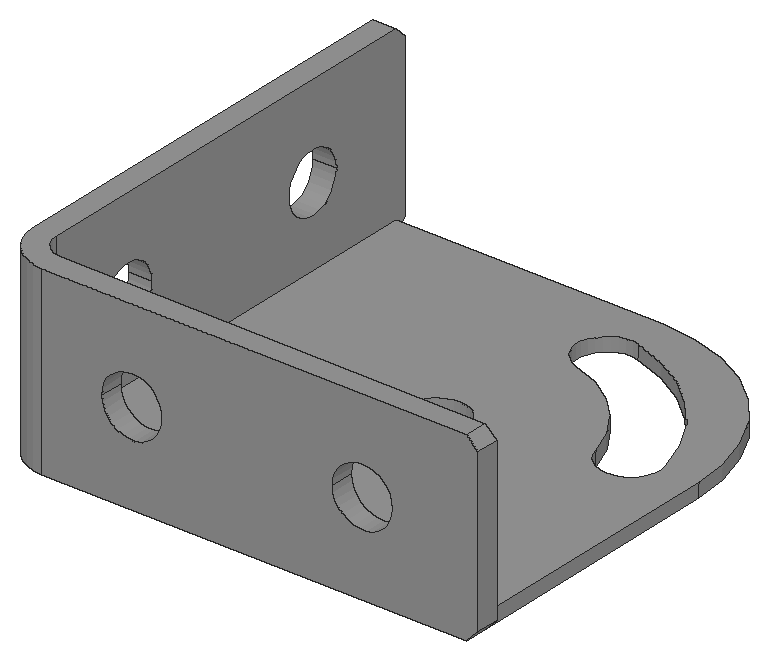
Revit family "Knotendreieck - GMS 6 KD FT", category Generic Models, Revit 2017
Family settings
  Can host rebar = No
  Round Connector Dimension = Use Diameter
  Part Type = Normal
  Work Plane-Based = No
  Always vertical = Yes
  Cut with Voids When Loaded = No
  Shared = No
  Room Calculation Point = No
Parameters (values of type "GMS 6 KD FT")
  URL = "http://www.obo-bettermann.com"
  Material = Hot dip galvanised
  Manufacturer Art.No. = "1124792"
  Manufacturer = "OBO BETTERMANN"
  GTIN = "4012196559824"
  Cut's number = 2
  Article Type = "GMS 6 KD FT"
Reference planes
  plane 1 "Center (Front/Back)": y = 0
  plane 2: z = 0
  plane 3 "Center (Left/Right)": x = 0
  plane 4: y = 104.5
  plane 5: x = 101.395
  plane 6: z = 40
  plane 7: x = 98.895
  plane 8: z = 37.5
  plane 9: z = 5
  plane 10: x = 98.895
  plane 11: z = 20
  plane 12: y = 102
  plane 13: z = 37.5
  plane 14: z = 2.5
  plane 15: y = 102
  plane 16: y = 102
  plane 17: z = 2.5
  plane 18: z = 37.5
  plane 19: y = 102
  plane 20: y = 79.5
  plane 21: y = 29.5
  plane 22: x = 76.395
  plane 23: x = 26.395
  plane 24: y = 102
  plane 25: x = 98.895
  plane 26: x = 6.895
  plane 27: y = 10
  plane 28: z = 3
  plane 29: y = 102
  plane 30: through (98.895, 102, 1200) normal (0.7071, -0.7071, 0)
  plane 31: y = 53
  plane 32: x = 52.695
  plane 33: y = 55.8
  plane 34: through (49.895, 53, 1200) normal (-0.2588, 0.9659, 0)
  plane 35: through (49.895, 53, 1200) normal (-0.9659, 0.2588, 0)
Forms (mm)
  Extrusion 1, solid, material "Hot dip galvanised" <- "Material"
    sketch origin (-3.105, 0, 0) x (1, 0, 0) y (0, 1, 0)
      loop
        line (0, 104.5) -> (0, 10)
        arc (0, 10) -> (2.929, 2.929) -> (10, 0) r 10
        line (10, 0) -> (104.5, 0) -> (104.5, 5) -> (10, 5)
        arc (10, 5) -> (6.464, 6.464) -> (5, 10) r 5
        line (5, 10) -> (5, 104.5) -> (0, 104.5)
    from 0 to 40
  Extrusion 2, void
    sketch origin (0, 0, 0) x (1, 0, 0) y (0, 0, 1)
      loop
        line (98.895, 40) -> (101.395, 37.5) -> (101.395, 40) -> (98.895, 40)
    from 0 to -5
  Extrusion 3, void
    sketch origin (0, 0, 40) x (1, 0, 0) y (0, 0, 1)
      loop
        line (98.895, -40) -> (101.395, -40) -> (101.395, -37.5) -> (98.895, -40)
    from 0 to -5
  Extrusion 4, void
    sketch origin (0, 0, 0) x (0, 1, 0) y (0, 0, 1)
      loop
        line (102, 40) -> (104.5, 37.5) -> (104.5, 40) -> (102, 40)
    from 1.895 to -3.105
  Extrusion 5, void
    sketch origin (0, 0, 40) x (0, 1, 0) y (0, 0, 1)
      loop
        line (102, -40) -> (104.5, -40) -> (104.5, -37.5) -> (102, -40)
    from 1.895 to -3.105
  Extrusion 6, void
    sketch origin (0, 0, 0) x (0, 1, 0) y (0, 0, 1)
      loop
        circle (79.5, 20) r 6.492
    from 1.895 to -3.105
  Extrusion 7, void
    sketch origin (0, -50, 0) x (0, 1, 0) y (0, 0, 1)
      loop
        circle (79.5, 20) r 6.492
    from 1.895 to -3.105
  Extrusion 8, void
    sketch origin (0, 0, 0) x (1, 0, 0) y (0, 0, 1)
      loop
        circle (76.395, 20) r 6.542
    from 0 to -5
  Extrusion 9, void
    sketch origin (-50, 0, 0) x (1, 0, 0) y (0, 0, 1)
      loop
        circle (76.395, 20) r 6.542
    from 0 to -5
  Extrusion 10, solid, material "Hot dip galvanised" <- "Material"
    sketch origin (0, 0, 0) x (1, 0, 0) y (0, 1, 0)
      loop
        line (1.895, 102) -> (1.895, 10) -> (6.895, 5) -> (98.895, 5) -> (98.895, 63)
        arc (98.895, 63) -> (87.472, 90.577) -> (59.895, 102) r 39
        line (59.895, 102) -> (1.895, 102)
    from 3 to 0
  Extrusion 11, void
    sketch origin (0, 0, 0) x (1, 0, 0) y (0, 1, 0)
      loop
        circle (49.895, 53) r 6.51
      loop
        arc (57.53, 81.495) -> (70.754, 73.86) -> (78.39, 60.635) r 29.5
        arc (78.39, 60.635) -> (86.35, 56.039) -> (90.947, 64) r 6.5
        arc (90.947, 64) -> (79.947, 83.052) -> (60.895, 94.052) r 42.5
        arc (60.895, 94.052) -> (52.934, 89.456) -> (57.53, 81.495) r 6.5
    from 3 to 0
Cuts and joins
  Extrusion 2, Extrusion 3, Extrusion 4, Extrusion 5, Extrusion 6, Extrusion 7, Extrusion 8, Extrusion 9 cuts Extrusion 1
  Extrusion 11 cuts Extrusion 10
Dimensions and locks
  locked: Extrusion 1 sketch curve to Extrusion 1 sketch curve at 104.5  (x2)
  locked: Extrusion 1 sketch curve to Extrusion 1 sketch curve at 5  (x2)
  locked: plane 11 to cut or joined group 1 (Extrusion 1, Extrusion 2, Extrusion 3, Extrusion 4, Extrusion 5, Extrusion 6, Extrusion 7, Extrusion 8, Extrusion 9) at 20
  locked: plane 12 to cut or joined group 1 at 2.5
  locked: cut or joined group 1 to plane 13 at 2.5
  locked: plane 20 to Extrusion 6 sketch curve at 0
  locked: plane 20 to Extrusion 6 sketch curve at 6.492
  locked: plane 21 to Extrusion 7 sketch curve at 0
  locked: plane 21 to Extrusion 7 sketch curve at 6.492
  group 1 to group 2 = 0 mm  (x2)
  group 2 to group 1 = 50 mm
  locked: plane 22 to Extrusion 8 sketch curve at 0
  locked: Extrusion 8 sketch curve to plane 22 at 6.542
  locked: plane 23 to Extrusion 9 sketch curve at 0
  locked: Extrusion 9 sketch curve to plane 23 at 6.542
  group 4 to group 3 = 50 mm
  group 3 to group 4 = 0 mm  (x2)
  locked: cut or joined group 1 to plane 25 at 97
  locked: plane 24 to cut or joined group 1 at 97
  cut or joined group 1 to plane 26 = 5 mm
  plane 27 to cut or joined group 1 = 5 mm
  locked: Extrusion 10 sketch curve to cut or joined group 1 at 97
  locked: cut or joined group 1 to Extrusion 10 sketch curve at 97
  locked: Extrusion 10 to plane 28 at 3
  locked: plane 31 to cut or joined group 1 at 48
  locked: Extrusion 11 sketch curve to plane 31 at 6.51
  locked: plane 31 to Extrusion 11 sketch curve at 0
  locked: plane 33 to cut or joined group 1 at 50.8
  locked: cut or joined group 1 to plane 32 at 50.8
  locked: Extrusion 11 sketch curve to plane 30 at 24.5
  locked: plane 30 to Extrusion 11 sketch curve at 24.5
  radius of Extrusion 11 sketch curve = 29.5 mm
  locked: plane 34 to plane 30 (angle 30.00°)
  locked: plane 30 to plane 35 (angle 30.00°)
  aligned and locked: level to plane 2
  aligned and locked: Extrusion 1 sketch curve to plane 5
  aligned and locked: Extrusion 1 sketch curve to plane 4
  aligned and locked: plane 6 to Extrusion 1
  aligned and locked: Extrusion 1 to level
  aligned and locked: Extrusion 2 to Extrusion 1
  aligned and locked: plane 1 "Center (Front/Back)" to Extrusion 2
  aligned and locked: Extrusion 3 to Extrusion 1
  aligned and locked: plane 1 "Center (Front/Back)" to Extrusion 3
  aligned and locked: Extrusion 1 to Extrusion 4
  aligned and locked: Extrusion 4 to Extrusion 1
  aligned and locked: Extrusion 1 to Extrusion 6  (x2)
  aligned and locked: plane 1 "Center (Front/Back)" to Extrusion 8
  aligned and locked: Extrusion 1 to Extrusion 8
  aligned and locked: plane 28 to Extrusion 10
  aligned and locked: Extrusion 10 to level
  aligned and locked: Extrusion 10 to Extrusion 11
  aligned and locked: Extrusion 11 to level
Automatic sketch dimensions
  Extrusion 1 sketch curve to Extrusion 1 sketch curve = 0 mm  (x2)
  Extrusion 1 sketch curve to Extrusion 1 sketch curve = 5 mm
  Extrusion 2 sketch curve to plane 6 = 0 mm
  Extrusion 2 sketch curve to plane 7 = 0 mm
  Extrusion 2 sketch curve to plane 8 = 0 mm
  plane 7 to Extrusion 2 sketch curve = 2.5 mm
  Extrusion 3 sketch curve to level = 0 mm
  plane 7 to Extrusion 3 sketch curve = 0 mm
  Extrusion 3 sketch curve to plane 7 = 2.5 mm
  Extrusion 3 sketch curve to level = 2.5 mm
  Extrusion 4 sketch curve to plane 6 = 0 mm
  Extrusion 4 sketch curve to plane 12 = 0 mm
  Extrusion 4 sketch curve to plane 8 = 0 mm
  plane 12 to Extrusion 4 sketch curve = 2.5 mm
  Extrusion 5 sketch curve to level = 0 mm
  Extrusion 5 sketch curve to plane 16 = 0 mm
  plane 17 to Extrusion 5 sketch curve = 0 mm
  Extrusion 5 sketch curve to plane 16 = 2.5 mm
  Extrusion 10 sketch curve to plane 27 = 0 mm
  Extrusion 10 sketch curve to plane 26 = 0 mm
  plane 3 "Center (Left/Right)" to Extrusion 10 sketch curve = 1.895 mm
  Extrusion 10 sketch curve to Extrusion 10 sketch curve = 39 mm
  Extrusion 10 sketch curve to plane 1 "Center (Front/Back)" = 5 mm
  Extrusion 11 sketch curve to Extrusion 11 sketch curve = 0 mm  (x7)
  plane 30 to Extrusion 11 sketch curve = 0 mm
  Extrusion 11 sketch curve to plane 35 = 0 mm
  Extrusion 11 sketch curve to plane 34 = 0 mm
